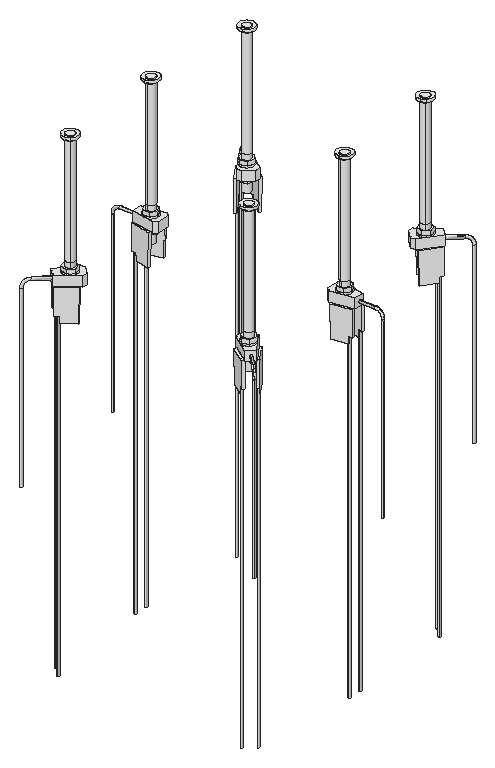
Revit family "c18c3f6578904dbc8c6b1b976846db23", category Structural Connections, host Face, Revit 2021
Family settings
  Host = Face
  Material for Model Behavior = Other
  Enable cutting in views = No
  Cut with Voids When Loaded = No
  Shared = Yes
Parameters (values of type "HCC 39-1450H")
  l = 2' - 11.43307"
  h [instance] = 3' - 3.37008"
  f = 0' - 6.49606"
  b [instance] = 2' - 7.49606"
  a = 0' - 1.9685"
  X = 0' - 1.45669"
  Type Comments = "Mountingpart"
  T = 0' - 1.77165"
  Phi = 0' - 2.16535"
  L [instance] = 4' - 11.05512"
  K = 0' - 7.67717"
  E = 0' - 2.3622"
  Default Elevation = 0' - 0"
  D = 0' - 9.64567"
  Column Shoe Type = Column Shoe and Anchor Bolt : HCC 39-1450H
  Column Shoe Material [instance] = Metal - Steel - S235
  C = 0' - 6.1811"
Types (10): name | l | h | f | b | a | X | T | Phi | K | D | Column Shoe Type | C
  HCC 39-1450H | 2' - 11.43307" | 3' - 3.37008" | 0' - 6.49606" | 2' - 7.49606" | 0' - 1.9685" | 0' - 1.45669" | 0' - 1.77165" | 0' - 2.16535" | 0' - 7.67717" | 0' - 9.64567" | Column Shoe and Anchor Bolt : HCC 39-1450H | 0' - 6.1811"
  HCC 39-1450S | 2' - 11.43307" | 4' - 11.05512" | 0' - 6.49606" | 3' - 3.37008" | 0' - 1.9685" | 0' - 1.45669" | 0' - 1.77165" | 0' - 2.16535" | 0' - 7.67717" | 0' - 9.64567" | Column Shoe and Anchor Bolt : HCC 39-1450S | 0' - 6.1811"
  HCC M36-1650H | 3' - 3.37008" | 4' - 11.05512" | 0' - 6.49606" | 3' - 3.37008" | 0' - 2.16535" | 0' - 1.45669" | 0' - 1.9685" | 0' - 2.16535" | 0' - 7.67717" | 0' - 9.64567" | Column Shoe and Anchor Bolt : HCC M36-1650H | 0' - 6.1811"
  HCC M36-1650S | 3' - 3.37008" | 4' - 11.05512" | 0' - 6.49606" | 3' - 3.37008" | 0' - 2.16535" | 0' - 1.45669" | 0' - 1.9685" | 0' - 2.16535" | 0' - 7.67717" | 0' - 9.64567" | Column Shoe and Anchor Bolt : HCC M36-1650S | 0' - 6.1811"
  HCC M39-1650H | 3' - 3.37008" | 4' - 11.05512" | 0' - 7.28346" | 3' - 3.37008" | 0' - 2.16535" | 0' - 1.45669" | 0' - 2.16535" | 0' - 2.16535" | 0' - 8.22835" | 0' - 10.51181" | Column Shoe and Anchor Bolt : HCC M39-1650H | 0' - 6.77165"
  HCC M39-1650S | 3' - 3.37008" | 4' - 11.05512" | 0' - 7.28346" | 3' - 3.37008" | 0' - 2.16535" | 0' - 1.45669" | 0' - 2.16535" | 0' - 2.16535" | 0' - 8.22835" | 0' - 10.51181" | Column Shoe and Anchor Bolt : HCC M39-1650S | 0' - 6.77165"
  HCC M45-2070H | 4' - 9.48031" | 4' - 11.05512" | 0' - 7.67717" | 3' - 3.37008" | 0' - 2.55906" | 0' - 1.45669" | 0' - 2.3622" | 0' - 2.55906" | 0' - 9.68504" | 1' - 0.48031" | Column Shoe and Anchor Bolt : HCC M45-2070H | 0' - 8.14961"
  HCC M45-2070S | 4' - 9.48031" | 4' - 11.05512" | 0' - 7.67717" | 3' - 3.37008" | 0' - 2.55906" | 0' - 1.45669" | 0' - 2.3622" | 0' - 2.55906" | 0' - 9.68504" | 1' - 0.48031" | Column Shoe and Anchor Bolt : HCC M45-2070S | 0' - 8.14961"
  HCC M52-2290H | 4' - 9.08661" | 4' - 11.05512" | 0' - 9.44882" | 3' - 3.37008" | 0' - 2.75591" | 0' - 1.37795" | 0' - 2.75591" | 0' - 2.75591" | 0' - 11.02362" | 1' - 2.40945" | Column Shoe and Anchor Bolt : HCC M52-2290H | 0' - 9.13386"
  HCC M52-2290S | 4' - 9.08661" | 4' - 11.05512" | 0' - 9.44882" | 3' - 3.37008" | 0' - 2.75591" | 0' - 1.37795" | 0' - 2.75591" | 0' - 2.75591" | 0' - 11.02362" | 1' - 2.40945" | Column Shoe and Anchor Bolt : HCC M52-2290S | 0' - 9.13386"
Reference planes (in)
  plane 1 "Center (Front/Back)": y = 0
  plane 2: z = 0
  plane 3 "Center (Left/Right)": x = 0
  plane 4: y = 19.68504
  plane 5: y = -19.68504
  plane 6: x = -15.74803
  plane 7: x = 15.74803
  plane 8: y = 18.22835
  plane 9: x = -14.29134
  plane 10: y = -18.22835
  plane 11: x = 14.29134
  plane 12: y = 11.81102
  plane 13: y = -11.81102
Lines and regions (in)
  reference lines
    curve 1: line (-15.74803, -19.68504, 0) -> (15.74803, 11.81102, 0)
    curve 2: line (-15.74803, 19.68504, 0) -> (15.74803, -11.81102, 0)
    curve 3: line (15.74803, 19.68504, 0) -> (-15.74803, -11.81102, 0)
    curve 4: line (15.74803, -19.68504, 0) -> (-15.74803, 11.81102, 0)
    curve 5: line (-14.29134, 19.68504, 0) -> (-15.74803, 18.22835, 0)
    curve 6: line (14.29134, 19.68504, 0) -> (15.74803, 18.22835, 0)
    curve 7: line (-15.74803, -18.22835, 0) -> (-14.29134, -19.68504, 0)
    curve 8: line (14.29134, -19.68504, 0) -> (15.74803, -18.22835, 0)
Dimensions and locks (in)
  equal spacing: plane 4, plane 1 "Center (Front/Back)", plane 5
  "h": plane 4 to plane 5
  equal spacing: plane 6, plane 3 "Center (Left/Right)", plane 7
  "b": plane 6 to plane 7
  "b": plane 12 to plane 5
  "b": plane 4 to plane 13
  "X": plane 4 to plane 8
  "X": plane 5 to plane 10
  "X": plane 6 to plane 9
  "X": plane 11 to plane 7
  aligned and locked: plane 2 to host face
  aligned and locked: level to host face
  aligned and locked: plane 4 to curve 2
  aligned and locked: plane 6 to curve 2
  aligned and locked: plane 12 to curve 4
  aligned and locked: plane 6 to curve 4
  aligned and locked: plane 13 to curve 3
  aligned and locked: plane 6 to curve 3
  aligned and locked: curve 1 to plane 5
  aligned and locked: curve 1 to plane 6
  aligned and locked: plane 5 to curve 4
  aligned and locked: plane 7 to curve 4
  aligned and locked: curve 2 to plane 13
  aligned and locked: plane 7 to curve 2
  aligned and locked: curve 1 to plane 12
  aligned and locked: plane 7 to curve 1
  aligned and locked: curve 3 to plane 4
  aligned and locked: plane 7 to curve 3
  aligned and locked: curve 6 to plane 8
  aligned and locked: plane 7 to curve 6
  aligned and locked: curve 6 to plane 4
  aligned and locked: plane 11 to curve 6
  aligned and locked: plane 4 to curve 5
  aligned and locked: plane 9 to curve 5
  aligned and locked: plane 8 to curve 5
  aligned and locked: plane 6 to curve 5
  aligned and locked: curve 7 to plane 10
  aligned and locked: curve 7 to plane 6
  aligned and locked: curve 7 to plane 5
  aligned and locked: curve 7 to plane 9
  aligned and locked: plane 5 to curve 8
  aligned and locked: plane 11 to curve 8
  aligned and locked: plane 10 to curve 8
  aligned and locked: plane 7 to curve 8
  aligned and locked: nested 1 to curve 5
  aligned and locked: nested 1 to curve 2
  aligned and locked: curve 6 to nested 5
  aligned and locked: nested 5 to curve 3
  aligned and locked: nested 3 to curve 7
  aligned and locked: nested 3 to curve 1
  aligned and locked: nested 7 to curve 8
  aligned and locked: nested 7 to curve 4
  aligned and locked: plane 6 to nested 9
  aligned and locked: nested 9 to plane 1 "Center (Front/Back)"
  aligned and locked: plane 7 to nested 11
  aligned and locked: plane 1 "Center (Front/Back)" to nested 11
Automatic sketch dimensions
  host sketch curve to host sketch curve = 8' - 0"  (x2)
Nested families (in)
  nested 1: "Column Shoe and Anchor Bolt" at (-21.70101, 25.63802, 0) x (0.7071, 0.7071, 0) z (0, 0, -1), type <- "Column Shoe Type", Column Shoe Material <- "Column Shoe Material", L <- "L", type "HCC 39-1450H"
    with L 4' - 11.05512", Column Shoe Material Metal - Steel - S235, Phi 0' - 2.16535", Semi Phi 0' - 1.08268", y2 0' - 4.3707", y1 0' - 0.64029", x3 0' - 1.79539", x2 0' - 3.34066", x1 0' - 2.06007", f 0' - 6.49606", X 0' - 1.45669", l 2' - 11.43307", k1 0' - 7.40967", d 0' - 9.44882", T 0' - 1.77165", Real K 0' - 7.60652", e1 0' - 2.31062", K 0' - 7.67717", E 0' - 2.3622", D 0' - 9.64567", C 0' - 6.1811", B2 0' - 4.72441", B 0' - 5.90551"
  nested 2: "HAB" at (-16.65354, 20.59055, -1.77165) x (0.7071, 0.7071, 0) z (0, 0, -1), type "HAB H39"
    with Anchor Bolt Material Metal - Steel - S235, l2 1' - 9.06299", l 2' - 3.55906", f1 0' - 2.75591", f 0' - 6.49606", r3 0' - 0.76772", r1 0' - 0.7874", d3 0' - 1.53543", d1 0' - 1.5748", Washers Radius 0' - 1.29921", T 0' - 1.77165", Phi 0' - 2.16535", Nut Width 0' - 2.2503", Cap Radius 0' - 1.41732"
  nested 3: "Column Shoe and Anchor Bolt" at (-21.70101, -25.63802, 0) x (-0.7071, 0.7071, 0) z (0, 0, -1), type <- "Column Shoe Type", Column Shoe Material <- "Column Shoe Material", L <- "L", type "HCC 39-1450H"
    with L 4' - 11.05512", Column Shoe Material Metal - Steel - S235, Phi 0' - 2.16535", Semi Phi 0' - 1.08268", y2 0' - 4.3707", y1 0' - 0.64029", x3 0' - 1.79539", x2 0' - 3.34066", x1 0' - 2.06007", f 0' - 6.49606", X 0' - 1.45669", l 2' - 11.43307", k1 0' - 7.40967", d 0' - 9.44882", T 0' - 1.77165", Real K 0' - 7.60652", e1 0' - 2.31062", K 0' - 7.67717", E 0' - 2.3622", D 0' - 9.64567", C 0' - 6.1811", B2 0' - 4.72441", B 0' - 5.90551"
  nested 4: "HAB" at (-16.65354, -20.59055, -1.77165) x (-0.7071, 0.7071, 0) z (0, 0, -1), type "HAB H39"
    with Anchor Bolt Material Metal - Steel - S235, l2 1' - 9.06299", l 2' - 3.55906", f1 0' - 2.75591", f 0' - 6.49606", r3 0' - 0.76772", r1 0' - 0.7874", d3 0' - 1.53543", d1 0' - 1.5748", Washers Radius 0' - 1.29921", T 0' - 1.77165", Phi 0' - 2.16535", Nut Width 0' - 2.2503", Cap Radius 0' - 1.41732"
  nested 5: "Column Shoe and Anchor Bolt" at (21.70101, 25.63802, 0) x (0.7071, -0.7071, 0) z (0, 0, -1), type <- "Column Shoe Type", Column Shoe Material <- "Column Shoe Material", L <- "L", type "HCC 39-1450H"
    with L 4' - 11.05512", Column Shoe Material Metal - Steel - S235, Phi 0' - 2.16535", Semi Phi 0' - 1.08268", y2 0' - 4.3707", y1 0' - 0.64029", x3 0' - 1.79539", x2 0' - 3.34066", x1 0' - 2.06007", f 0' - 6.49606", X 0' - 1.45669", l 2' - 11.43307", k1 0' - 7.40967", d 0' - 9.44882", T 0' - 1.77165", Real K 0' - 7.60652", e1 0' - 2.31062", K 0' - 7.67717", E 0' - 2.3622", D 0' - 9.64567", C 0' - 6.1811", B2 0' - 4.72441", B 0' - 5.90551"
  nested 6: "HAB" at (16.65354, 20.59055, -1.77165) x (0.7071, -0.7071, 0) z (0, 0, -1), type "HAB H39"
    with Anchor Bolt Material Metal - Steel - S235, l2 1' - 9.06299", l 2' - 3.55906", f1 0' - 2.75591", f 0' - 6.49606", r3 0' - 0.76772", r1 0' - 0.7874", d3 0' - 1.53543", d1 0' - 1.5748", Washers Radius 0' - 1.29921", T 0' - 1.77165", Phi 0' - 2.16535", Nut Width 0' - 2.2503", Cap Radius 0' - 1.41732"
  nested 7: "Column Shoe and Anchor Bolt" at (21.70101, -25.63802, 0) x (-0.7071, -0.7071, 0) z (0, 0, -1), type <- "Column Shoe Type", Column Shoe Material <- "Column Shoe Material", L <- "L", type "HCC 39-1450H"
    with L 4' - 11.05512", Column Shoe Material Metal - Steel - S235, Phi 0' - 2.16535", Semi Phi 0' - 1.08268", y2 0' - 4.3707", y1 0' - 0.64029", x3 0' - 1.79539", x2 0' - 3.34066", x1 0' - 2.06007", f 0' - 6.49606", X 0' - 1.45669", l 2' - 11.43307", k1 0' - 7.40967", d 0' - 9.44882", T 0' - 1.77165", Real K 0' - 7.60652", e1 0' - 2.31062", K 0' - 7.67717", E 0' - 2.3622", D 0' - 9.64567", C 0' - 6.1811", B2 0' - 4.72441", B 0' - 5.90551"
  nested 8: "HAB" at (16.65354, -20.59055, -1.77165) x (-0.7071, -0.7071, 0) z (0, 0, -1), type "HAB H39"
    with Anchor Bolt Material Metal - Steel - S235, l2 1' - 9.06299", l 2' - 3.55906", f1 0' - 2.75591", f 0' - 6.49606", r3 0' - 0.76772", r1 0' - 0.7874", d3 0' - 1.53543", d1 0' - 1.5748", Washers Radius 0' - 1.29921", T 0' - 1.77165", Phi 0' - 2.16535", Nut Width 0' - 2.2503", Cap Radius 0' - 1.41732"
  nested 9: "Column Shoe and Anchor Bolt" at (-25.19685, 0, 0) x (0, 1, 0) z (0, 0, -1), type <- "Column Shoe Type", Column Shoe Material <- "Column Shoe Material", L <- "L", type "HCC 39-1450H"
    with L 4' - 11.05512", Column Shoe Material Metal - Steel - S235, Phi 0' - 2.16535", Semi Phi 0' - 1.08268", y2 0' - 4.3707", y1 0' - 0.64029", x3 0' - 1.79539", x2 0' - 3.34066", x1 0' - 2.06007", f 0' - 6.49606", X 0' - 1.45669", l 2' - 11.43307", k1 0' - 7.40967", d 0' - 9.44882", T 0' - 1.77165", Real K 0' - 7.60652", e1 0' - 2.31062", K 0' - 7.67717", E 0' - 2.3622", D 0' - 9.64567", C 0' - 6.1811", B2 0' - 4.72441", B 0' - 5.90551"
  nested 10: "HAB" at (-18.05866, 0, -1.77165) x (0, 1, 0) z (0, 0, -1), type "HAB H39"
    with Anchor Bolt Material Metal - Steel - S235, l2 1' - 9.06299", l 2' - 3.55906", f1 0' - 2.75591", f 0' - 6.49606", r3 0' - 0.76772", r1 0' - 0.7874", d3 0' - 1.53543", d1 0' - 1.5748", Washers Radius 0' - 1.29921", T 0' - 1.77165", Phi 0' - 2.16535", Nut Width 0' - 2.2503", Cap Radius 0' - 1.41732"
  nested 11: "Column Shoe and Anchor Bolt" at (25.19685, 0, 0) x (0, -1, 0) z (0, 0, -1), type <- "Column Shoe Type", Column Shoe Material <- "Column Shoe Material", L <- "L", type "HCC 39-1450H"
    with L 4' - 11.05512", Column Shoe Material Metal - Steel - S235, Phi 0' - 2.16535", Semi Phi 0' - 1.08268", y2 0' - 4.3707", y1 0' - 0.64029", x3 0' - 1.79539", x2 0' - 3.34066", x1 0' - 2.06007", f 0' - 6.49606", X 0' - 1.45669", l 2' - 11.43307", k1 0' - 7.40967", d 0' - 9.44882", T 0' - 1.77165", Real K 0' - 7.60652", e1 0' - 2.31062", K 0' - 7.67717", E 0' - 2.3622", D 0' - 9.64567", C 0' - 6.1811", B2 0' - 4.72441", B 0' - 5.90551"
  nested 12: "HAB" at (18.05866, 0, -1.77165) x (0, -1, 0) z (0, 0, -1), type "HAB H39"
    with Anchor Bolt Material Metal - Steel - S235, l2 1' - 9.06299", l 2' - 3.55906", f1 0' - 2.75591", f 0' - 6.49606", r3 0' - 0.76772", r1 0' - 0.7874", d3 0' - 1.53543", d1 0' - 1.5748", Washers Radius 0' - 1.29921", T 0' - 1.77165", Phi 0' - 2.16535", Nut Width 0' - 2.2503", Cap Radius 0' - 1.41732"
Definition of nested family "Column Shoe and Anchor Bolt"
  Parameters
    Type Comments = "Mountingpart"
    Phi = 0' - 1.06299"
    Semi Phi = 0.5 * Phi  # 0' - 0.5315"
    y2 = C * sin(45.00°)  # 0' - 2.44982"
    y1 = (E - X) * sin(45.00°)  # 0' - 0.55678"
    x3 = E * (2 * sin(45.00°) - C / d)  # 0' - 1.46153"
    x2 = 2 * E * sin(45.00°)  # 0' - 2.78388"
    x1 = 2 * X * sin(45.00°)  # 0' - 1.67033"
    t1 = 0' - 0.3937"
    f = 0' - 4.13386"
    a = 0' - 1.9685"
    X = 0' - 1.1811"
    l = 0' - 11.81102"
    k1 = d * sin(45.00°) + 0.5 * X  # 0' - 4.23744"
    d = D - R1  # 0' - 5.15748"
    T = 0' - 0.59055"
    O3 = 0' - 0.59055"
    O4 = 0' - 0.7874"
    O2 = 0' - 0.19685"
    O1 = 0' - 0.3937"
    L [instance] = 4' - 11.05512"
    Real K = R1 + k1  # 0' - 4.43429"
    e1 = (2 * E - X) * sin(45.00°)  # 0' - 1.94872"
    K = 0' - 4.40945"
    E = 0' - 1.9685"
    Default Elevation = 0' - 0"
    Semi dbr = 7 * R2  # 0' - 1.37795"
    D = 0' - 5.35433"
    Column Shoe Material [instance] = none
    C = 0' - 3.46457"
    R2 = 0' - 0.19685"
    R1 = 0' - 0.19685"
    Bolt Type = HAB : HAB H16
    B2 = B - 0' 1.1811"  # 0' - 2.16535"
    B = 0' - 3.34646"
  Reference planes (in)
    plane 1 "Center (Front/Back)": y = 0
    plane 2: z = 0
    plane 3 "Center (Left/Right)": x = 0
    plane 4: z = 0.59055
    plane 5: z = 0.29528
    plane 6: z = 11.81102
    plane 7: z = 3.93701
    plane 8: z = 2.75591
    plane 9: y = 5.15748
    plane 10: x = -1.39194
    plane 11: x = 1.39194
    plane 12: y = 4.6007
    plane 13: y = 2.15088
    plane 14: x = -0.83517
    plane 15: x = 0.83517
    plane 16: x = -0.73077
    plane 17: x = 0.73077
    plane 18: y = 3.20876
    plane 19: y = 2.93829
    plane 20: z = 62.99213
  Forms (in)
    Extrusion 1, solid
      sketch origin (0, 0, 0) x (1, 0, 0) y (0, 1, 0)
        loop
          line (-48, 48) -> (-48, -48) -> (48, -48) -> (48, 48) -> (-48, 48)
      from 0 to -12
    Sweep 2, solid, material <- "Column Shoe Material"
      path in 3D
        loop
          line (0, 0, 11.81102) -> (0, 0, 1.67323)
          arc (0, 0, 1.67323) -> (0, 0.40359, 0.69887) -> (0, 1.37795, 0.29528) r 1.37795
          line (0, 1.37795, 0.29528) -> (0, 2.81506, 0.29528)
      profile origin (0, 0.40359, 0.69887) x (0, 0.707107, 0.707107) y (1, 0, 0)
        loop
          circle (0, 0) r 0.19685
    Extrusion 3, void
      sketch origin (-0.03635, 4.65317, 0) x (1, 0, 0) y (0, 1, 0)
        loop
          circle (0.03635, -1.44441) r 0.5315
      from 0 to 3.93701
    Blend 4, solid, material <- "Column Shoe Material"
      base sketch origin (-0.18342, 0.17505, 0) x (-1, 0, 0) y (0, -1, 0)
        loop
          line (-1.47277, -4.04555) -> (-0.96547, -2.16589) -> (-1.34557, -2.0633) -> (-1.85287, -3.94297) -> (-1.47277, -4.04555)
      top sketch origin (-0.18342, 0.17505, 0) x (-1, 0, 0) y (0, -1, 0)
        loop
          line (-1.42148, -3.8555) -> (-0.96547, -2.16589) -> (-1.34557, -2.0633) -> (-1.80158, -3.75292) -> (-1.42148, -3.8555)
      from 0.59055 to 3.93701
    Extrusion 5, solid, material <- "Column Shoe Material"
      sketch origin (1.96539, -0.28862, 0) x (1, 0, 0) y (0, 1, 0)
        loop
          circle (-3.11256, 3.22691) r 0.19685
        loop
          circle (-0.81822, 3.22691) r 0.19685
      from 2.75591 to 62.99213
    Extrusion 6, void
      sketch origin (0, -1.92772, 0) x (0, -1, 0) y (0, 0, 1)
        loop
          line (-4.07861, 3.93701) -> (-4.86601, 3.93701) -> (-4.86601, 2.75591) -> (-4.07861, 2.75591) -> (-4.07861, 3.93701)
      from -1.39194 to 1.39194
    Extrusion 7, solid, material <- "Column Shoe Material"
      sketch origin (0, 0, 0) x (1, 0, 0) y (0, 1, 0)
        loop
          line (0.83517, 5.15748) -> (-0.83517, 5.15748) -> (-1.39194, 4.6007) -> (-0.73077, 2.15088) -> (0.73077, 2.15088) -> (1.39194, 4.6007) -> (0.83517, 5.15748)
        loop
          circle (0, 3.20876) r 0.5315
      from 0 to 0.59055
    Blend 8, solid, material <- "Column Shoe Material"
      base sketch origin (0.18342, 0.17505, 0) x (1, 0, 0) y (0, 1, 0)
        loop
          line (-1.47277, 4.04555) -> (-1.85287, 3.94297) -> (-1.34557, 2.0633) -> (-0.96547, 2.16589) -> (-1.47277, 4.04555)
      top sketch origin (0.18342, 0.17505, 0) x (1, 0, 0) y (0, 1, 0)
        loop
          line (-1.42148, 3.8555) -> (-1.80158, 3.75292) -> (-1.34557, 2.0633) -> (-0.96547, 2.16589) -> (-1.42148, 3.8555)
      from 0.59055 to 3.93701
  Cuts and joins
    Extrusion 3, Extrusion 6 cuts Sweep 2
    joined: Sweep 2, Extrusion 7
    Extrusion 6 cuts Blend 4
    Extrusion 6 cuts Blend 8
  Lines and regions (in)
    reference lines
      curve 1: line (0, 3.24836, 0.29528) -> (0, 1.37795, 0.29528)
      curve 2: line (0, 0, 1.67323) -> (0, 0, 11.81102)
      curve 3: arc (0, 0, 1.67323) -> (0, 0.40359, 0.69887) -> (0, 1.37795, 0.29528) r 1.37795
      curve 7: line (0.73077, 2.15088, 0) -> (1.39194, 4.6007, 0)
      curve 8: line (-0.73077, 2.15088, 0) -> (-1.39194, 4.6007, 0)
    sketch lines
      curve 4: arc (0, 0, 1.67323) -> (0, 0.40359, 0.69887) -> (0, 1.37795, 0.29528) r 1.37795
      curve 5: line (0, 2.81506, 0.29528) -> (0, 1.37795, 0.29528)
      curve 6: line (0, 0, 1.67323) -> (0, 0, 11.81102)
  Dimensions and locks (in)
    "T": plane 4 to level
    "l": plane 6 to plane 2
    equal spacing: plane 4, plane 5, plane 2
    "B": plane 7 to plane 4
    "B2": plane 4 to plane 8
    equal spacing: plane 16, plane 3 "Center (Left/Right)", plane 17
    equal spacing: plane 14, plane 3 "Center (Left/Right)", plane 15
    equal spacing: plane 10, plane 3 "Center (Left/Right)", plane 11
    "x2": plane 10 to plane 11
    "x1": plane 14 to plane 15
    "x3": plane 16 to plane 17
    "y1": plane 9 to plane 12
    "y2": plane 12 to plane 13
    "d": plane 9 to plane 1 "Center (Front/Back)"
    "e1": plane 9 to plane 18
    "t1": Blend 4 sketch curve to Blend 4 sketch curve  (x2)
    "O2": Extrusion 7 to Blend 4 sketch curve
    "O1": Blend 4 sketch curve to curve 7
    "O2": curve 7 to Blend 4 sketch curve
    "O4": plane 13 to plane 19
    equal spacing: cut or joined group of Blend 4, Extrusion 6, Extrusion 5 sketch curve, Extrusion 7
    "O3": Blend 4 sketch curve to curve 7
    "t1": Blend 8 sketch curve to Blend 8 sketch curve  (x2)
    "O1": curve 8 to Blend 8 sketch curve
    "O2": Blend 8 sketch curve to curve 8  (x2)
    "O3": curve 8 to Blend 8 sketch curve
    equal spacing: Blend 8, Extrusion 5 sketch curve, Blend 8
    "L": plane 20 to plane 7
    "Semi dbr": radius of curve 3
    "R1": radius of Sweep 2 sketch curve
    "R2": radius of Extrusion 5 sketch curve  (x2)
    "Semi Phi": radius of Extrusion 7 sketch curve
    locked: Extrusion 7 to Blend 4 sketch curve (angle 90.00°)
    aligned and locked: plane 2 to Extrusion 1
    aligned and locked: level to Extrusion 1
    aligned and locked: curve 1 to plane 5
    aligned and locked: plane 1 "Center (Front/Back)" to curve 2
    aligned and locked: plane 6 to curve 2
    aligned and locked: Extrusion 3 to Extrusion 1
    aligned and locked: Blend 4 to plane 4
    aligned and locked: plane 8 to Extrusion 5
    aligned and locked: Extrusion 6 sketch curve to Blend 4
    aligned and locked: Extrusion 3 sketch curve to Extrusion 7
    aligned and locked: plane 4 to Extrusion 7
    aligned and locked: Extrusion 7 sketch curve to plane 9
    aligned and locked: plane 3 "Center (Left/Right)" to Extrusion 7 sketch curve
    aligned and locked: plane 12 to Extrusion 7 sketch curve  (x2)
    aligned and locked: plane 18 to Extrusion 7 sketch curve
    aligned and locked: plane 15 to Extrusion 7 sketch curve
    aligned and locked: plane 9 to Extrusion 7 sketch curve
    aligned and locked: plane 13 to Extrusion 7 sketch curve
    aligned and locked: plane 17 to Extrusion 7 sketch curve
    aligned and locked: plane 14 to Extrusion 7 sketch curve
    aligned and locked: plane 10 to Extrusion 7 sketch curve
    aligned and locked: plane 16 to Extrusion 7 sketch curve
    aligned and locked: plane 12 to curve 7
    aligned and locked: plane 11 to curve 7
    aligned and locked: plane 17 to curve 7
    aligned and locked: plane 13 to curve 7
    aligned and locked: plane 12 to curve 8
    aligned and locked: plane 10 to curve 8
    aligned and locked: plane 16 to curve 8
    aligned and locked: plane 13 to curve 8
    aligned and locked: Blend 4 sketch curve to curve 7
    aligned and locked: var sketch to Blend 4 sketch curve
    aligned and locked: plane 19 to Extrusion 5 sketch curve  (x2)
    aligned and locked: var sketch to Blend 8 sketch curve
    aligned and locked: Extrusion 7 to Blend 8 sketch curve
    aligned and locked: Extrusion 6 to plane 19
    aligned and locked: Extrusion 6 to Extrusion 7
    aligned and locked: plane 7 to Extrusion 3
    aligned and locked: plane 7 to Blend 4
    aligned and locked: plane 7 to Blend 8
    aligned and locked: Blend 8 to plane 4
    aligned and locked: plane 20 to Extrusion 5
    aligned and locked: Extrusion 6 to plane 11
    aligned and locked: Extrusion 6 to plane 10
    aligned and locked: plane 3 "Center (Left/Right)" to nested 1
    aligned and locked: nested 1 to plane 18
  Automatic sketch dimensions
    Extrusion 1 sketch curve to Extrusion 1 sketch curve = 8' - 0"  (x2)
    plane 18 to curve 1 = 0' - 0.03959"
    Sweep 2 sketch curve to profile plane = 0' - 0"  (x2)
    plane 8 to Extrusion 6 sketch curve = 0' - 0"
    Extrusion 6 sketch curve to plane 13 = 0' - 0.7874"
    Extrusion 6 sketch curve to plane 1 "Center (Front/Back)" = 0' - 2.15088"
    Extrusion 7 sketch curve to plane 11 = 0' - 0"
  Nested families (in)
    nested 1: "HAB" at (0, 3.20876, 0.59055), type <- "Bolt Type", type "HAB H16"
      with Anchor Bolt Material none, l2 0' - 6.88976", l 0' - 11.02362", f1 0' - 1.5748", f 0' - 4.13386", r3 0' - 0.31496", r1 0' - 0.31496", d3 0' - 0.62992", d1 0' - 0.62992", Washers Radius 0' - 0.6378", T 0' - 0.59055", Phi 0' - 1.06299", Nut Width 0' - 1.10469", Cap Radius 0' - 0.56693"
  Definition of nested family "HAB"
    Parameters
      l2 = 0' - 9.25197"
      l = 1' - 1.77953"
      f1 = f - a - T  # 0' - 1.77165"
      f = 0' - 4.52756"
      r3 = 0.5 * d3  # 0' - 0.3937"
      r1 = 0.5 * d1  # 0' - 0.3937"
      d3 = 0' - 0.7874"
      d1 = 0' - 0.7874"
      a = 0' - 1.9685"
      Washers Thickness = 0' - 0.19685"
      Washers Radius = 0.5 * Phi * 1.2  # 0' - 0.70866"
      Type Comments = "Mountingpart"
      T = 0' - 0.7874"
      Phi = 0' - 1.1811"
      Nut Width = 2 * Washers Radius * cos(30.00°)  # 0' - 1.22744"
      Nut Thickness = 0' - 0.7874"
      Cap = yes
      Anchor Bolt Material [instance] = none
      Default Elevation = 0' - 0"
      Cap Thickness = Nut Thickness  # 0' - 0.7874"
      Cap Radius = d1 * 0.9  # 0' - 0.70866"
    Reference planes (in)
      plane 1 "Center (Front/Back)": y = 0
      plane 2: z = 0
      plane 3 "Center (Left/Right)": x = 0
      plane 4: z = 0.19685
      plane 5: z = -0.7874
      plane 6: z = -0.98425
      plane 7: z = 0.98425
      plane 8: z = -1.77165
      plane 9: y = 0.35433
      plane 10: y = -0.35433
      plane 11: y = 0.70866
      plane 12: y = -0.70866
      plane 13: z = 1.77165
      plane 14: z = -12.00787
      plane 15: z = -11.22047
      plane 16: z = -2.75591
      plane 17: z = -11.61417
      plane 18: x = -0.61372
      plane 19: x = 0.61372
    Forms (in)
      Extrusion 1, solid
        sketch origin (0, 0, 0) x (1, 0, 0) y (0, 1, 0)
          loop
            line (-48, 48) -> (-48, -48) -> (48, -48) -> (48, 48) -> (-48, 48)
        from 0 to -6.78513
      Extrusion 2, solid, material <- "Anchor Bolt Material"
        sketch origin (0, 0, 0) x (1, 0, 0) y (0, 1, 0)
          loop
            circle (0, 0) r 0.3937
        from -2.75591 to 1.77165
      Extrusion 3, solid, material <- "Anchor Bolt Material"
        sketch origin (0, 0, 0) x (1, 0, 0) y (0, 1, 0)
          loop
            circle (0, 0) r 0.70866
        from 0 to 0.19685
      Extrusion 4, solid, material <- "Anchor Bolt Material"
        sketch origin (0, 0, -14.37008) x (1, 0, 0) y (0, 1, 0)
          loop
            circle (0, 0) r 0.70866
        from 13.38583 to 13.58268
      Extrusion 5, solid, material <- "Anchor Bolt Material"
        sketch origin (0, 0, 0) x (1, 0, 0) y (0, 1, 0)
          loop
            line (0, 0.70866) -> (-0.61372, 0.35433) -> (-0.61372, -0.35433) -> (0, -0.70866) -> (0.61372, -0.35433) -> (0.61372, 0.35433) -> (0, 0.70866)
        from 0.19685 to 0.98425
      Extrusion 6, solid, material <- "Anchor Bolt Material"
        sketch origin (0, 0, -15.74803) x (1, 0, 0) y (0, 1, 0)
          loop
            line (-0.61372, 0.35433) -> (-0.61372, -0.35433) -> (0, -0.70866) -> (0.61372, -0.35433) -> (0.61372, 0.35433) -> (0, 0.70866) -> (-0.61372, 0.35433)
        from 13.97638 to 14.76378
      Extrusion 7, solid, material <- "Anchor Bolt Material"
        sketch origin (0, 0, -2.96548) x (1, 0, 0) y (0, 1, 0)
          loop
            circle (0, 0) r 0.3937
        from -9.04239 to 0.20957
      Blend 8, solid, material <- "Anchor Bolt Material", visible <- "Cap"
        base sketch origin (-1.67336, -180, -11.22047) x (-1, 0, 0) y (0, -1, 0)
          loop
            circle (-1.67336, -180) r 0.3937
        top sketch origin (-1.67336, -180, -11.22047) x (-1, 0, 0) y (0, -1, 0)
          loop
            circle (-1.67336, -180) r 0.70866
        from 0 to -0.3937
      Extrusion 9, solid, material <- "Anchor Bolt Material", visible <- "Cap"
        sketch origin (-1.41732, -180, -12.00787) x (-1, 0, 0) y (0, -1, 0)
          loop
            circle (-1.41732, -180) r 0.70866
        from 0 to 0.3937
    Cuts and joins
      joined: Extrusion 2, Extrusion 3, Extrusion 4, Extrusion 5, Extrusion 6, Extrusion 7
      joined: Blend 8, Extrusion 9
    Dimensions and locks (in)
      "T": plane 2 to plane 5
      "Washers Thickness": plane 5 to plane 6
      "Washers Thickness": plane 4 to level
      "Nut Thickness": plane 7 to plane 4
      "Nut Thickness": plane 6 to plane 8
      "Washers Radius": plane 1 "Center (Front/Back)" to plane 11
      "Washers Radius": plane 12 to plane 1 "Center (Front/Back)"
      equal spacing: plane 9, plane 1 "Center (Front/Back)", plane 10
      "Washers Radius": plane 9 to plane 10
      "l": plane 13 to plane 14
      "Cap Thickness": plane 15 to plane 14
      "l2": plane 16 to plane 14
      "f1": plane 13 to plane 2
      equal spacing: plane 15, plane 17, plane 14
      equal spacing: plane 18, plane 3 "Center (Left/Right)", plane 19
      "Nut Width": plane 18 to plane 19
      "r3": radius of Extrusion 2 sketch curve
      "Washers Radius": radius of Extrusion 3 sketch curve
      "Washers Radius": radius of Extrusion 4 sketch curve
      "r1": radius of Extrusion 7 sketch curve
      "r1": radius of Blend 8 sketch curve
      "Cap Radius": radius of Blend 8 sketch curve
      "Cap Radius": radius of Extrusion 9 sketch curve
      aligned and locked: plane 2 to Extrusion 1
      aligned and locked: level to Extrusion 1
      aligned and locked: plane 1 "Center (Front/Back)" to Extrusion 2 sketch curve
      aligned and locked: plane 3 "Center (Left/Right)" to Extrusion 2 sketch curve
      aligned and locked: plane 1 "Center (Front/Back)" to Extrusion 3 sketch curve
      aligned and locked: plane 3 "Center (Left/Right)" to Extrusion 3 sketch curve
      aligned and locked: plane 4 to Extrusion 3
      aligned and locked: Extrusion 3 to level
      aligned and locked: plane 5 to Extrusion 4
      aligned and locked: Extrusion 4 to plane 6
      aligned and locked: plane 1 "Center (Front/Back)" to Extrusion 4 sketch curve
      aligned and locked: plane 3 "Center (Left/Right)" to Extrusion 4 sketch curve
      aligned and locked: plane 7 to Extrusion 5
      aligned and locked: Extrusion 5 to plane 4
      aligned and locked: plane 11 to Extrusion 5 sketch curve
      aligned and locked: plane 3 "Center (Left/Right)" to Extrusion 5 sketch curve  (x2)
      aligned and locked: plane 12 to Extrusion 5 sketch curve
      aligned and locked: plane 10 to Extrusion 5 sketch curve  (x2)
      aligned and locked: plane 6 to Extrusion 6
      aligned and locked: Extrusion 6 to plane 8
      aligned and locked: plane 13 to Extrusion 2
      aligned: Extrusion 2 to plane 14
      aligned and locked: plane 10 to Extrusion 6 sketch curve  (x2)
      aligned and locked: Extrusion 2 to plane 16
      aligned: Extrusion 7 to plane 15
      aligned and locked: plane 1 "Center (Front/Back)" to Blend 8 sketch curve  (x2)
      aligned and locked: plane 3 "Center (Left/Right)" to Blend 8 sketch curve  (x2)
      aligned and locked: Blend 8 to plane 17
      aligned and locked: plane 15 to Blend 8
      aligned and locked: plane 1 "Center (Front/Back)" to Extrusion 9 sketch curve
      aligned and locked: plane 3 "Center (Left/Right)" to Extrusion 9 sketch curve
      aligned and locked: plane 17 to Extrusion 9
      aligned and locked: plane 18 to Extrusion 5 sketch curve
      aligned and locked: Extrusion 5 sketch curve to plane 19
      aligned and locked: plane 9 to Extrusion 5 sketch curve  (x2)
      aligned and locked: plane 19 to Extrusion 6 sketch curve
      aligned and locked: plane 18 to Extrusion 6 sketch curve
      aligned and locked: plane 9 to Extrusion 6 sketch curve  (x2)
      aligned and locked: plane 11 to Extrusion 6 sketch curve
      aligned and locked: plane 3 "Center (Left/Right)" to Extrusion 6 sketch curve  (x2)
      aligned and locked: plane 12 to Extrusion 6 sketch curve
      aligned and locked: Extrusion 7 to plane 14
      aligned and locked: plane 16 to Extrusion 7
    Automatic sketch dimensions
      Extrusion 1 sketch curve to Extrusion 1 sketch curve = 8' - 0"  (x2)
      plane 1 "Center (Front/Back)" to Extrusion 7 sketch curve = 0' - 0"
      Extrusion 7 sketch curve to plane 3 "Center (Left/Right)" = 0' - 0"
Definition of nested family "HAB"
  Parameters
    l2 = 0' - 9.25197"
    l = 1' - 1.77953"
    f1 = f - a - T  # 0' - 1.77165"
    f = 0' - 4.52756"
    r3 = 0.5 * d3  # 0' - 0.3937"
    r1 = 0.5 * d1  # 0' - 0.3937"
    d3 = 0' - 0.7874"
    d1 = 0' - 0.7874"
    a = 0' - 1.9685"
    Washers Thickness = 0' - 0.19685"
    Washers Radius = 0.5 * Phi * 1.2  # 0' - 0.70866"
    Type Comments = "Mountingpart"
    T = 0' - 0.7874"
    Phi = 0' - 1.1811"
    Nut Width = 2 * Washers Radius * cos(30.00°)  # 0' - 1.22744"
    Nut Thickness = 0' - 0.7874"
    Cap = yes
    Anchor Bolt Material [instance] = none
    Default Elevation = 0' - 0"
    Cap Thickness = Nut Thickness  # 0' - 0.7874"
    Cap Radius = d1 * 0.9  # 0' - 0.70866"
  Reference planes (in)
    plane 1 "Center (Front/Back)": y = 0
    plane 2: z = 0
    plane 3 "Center (Left/Right)": x = 0
    plane 4: z = 0.19685
    plane 5: z = -0.7874
    plane 6: z = -0.98425
    plane 7: z = 0.98425
    plane 8: z = -1.77165
    plane 9: y = 0.35433
    plane 10: y = -0.35433
    plane 11: y = 0.70866
    plane 12: y = -0.70866
    plane 13: z = 1.77165
    plane 14: z = -12.00787
    plane 15: z = -11.22047
    plane 16: z = -2.75591
    plane 17: z = -11.61417
    plane 18: x = -0.61372
    plane 19: x = 0.61372
  Forms (in)
    Extrusion 1, solid
      sketch origin (0, 0, 0) x (1, 0, 0) y (0, 1, 0)
        loop
          line (-48, 48) -> (-48, -48) -> (48, -48) -> (48, 48) -> (-48, 48)
      from 0 to -6.78513
    Extrusion 2, solid, material <- "Anchor Bolt Material"
      sketch origin (0, 0, 0) x (1, 0, 0) y (0, 1, 0)
        loop
          circle (0, 0) r 0.3937
      from -2.75591 to 1.77165
    Extrusion 3, solid, material <- "Anchor Bolt Material"
      sketch origin (0, 0, 0) x (1, 0, 0) y (0, 1, 0)
        loop
          circle (0, 0) r 0.70866
      from 0 to 0.19685
    Extrusion 4, solid, material <- "Anchor Bolt Material"
      sketch origin (0, 0, -14.37008) x (1, 0, 0) y (0, 1, 0)
        loop
          circle (0, 0) r 0.70866
      from 13.38583 to 13.58268
    Extrusion 5, solid, material <- "Anchor Bolt Material"
      sketch origin (0, 0, 0) x (1, 0, 0) y (0, 1, 0)
        loop
          line (0, 0.70866) -> (-0.61372, 0.35433) -> (-0.61372, -0.35433) -> (0, -0.70866) -> (0.61372, -0.35433) -> (0.61372, 0.35433) -> (0, 0.70866)
      from 0.19685 to 0.98425
    Extrusion 6, solid, material <- "Anchor Bolt Material"
      sketch origin (0, 0, -15.74803) x (1, 0, 0) y (0, 1, 0)
        loop
          line (-0.61372, 0.35433) -> (-0.61372, -0.35433) -> (0, -0.70866) -> (0.61372, -0.35433) -> (0.61372, 0.35433) -> (0, 0.70866) -> (-0.61372, 0.35433)
      from 13.97638 to 14.76378
    Extrusion 7, solid, material <- "Anchor Bolt Material"
      sketch origin (0, 0, -2.96548) x (1, 0, 0) y (0, 1, 0)
        loop
          circle (0, 0) r 0.3937
      from -9.04239 to 0.20957
    Blend 8, solid, material <- "Anchor Bolt Material", visible <- "Cap"
      base sketch origin (-1.67336, -180, -11.22047) x (-1, 0, 0) y (0, -1, 0)
        loop
          circle (-1.67336, -180) r 0.3937
      top sketch origin (-1.67336, -180, -11.22047) x (-1, 0, 0) y (0, -1, 0)
        loop
          circle (-1.67336, -180) r 0.70866
      from 0 to -0.3937
    Extrusion 9, solid, material <- "Anchor Bolt Material", visible <- "Cap"
      sketch origin (-1.41732, -180, -12.00787) x (-1, 0, 0) y (0, -1, 0)
        loop
          circle (-1.41732, -180) r 0.70866
      from 0 to 0.3937
  Cuts and joins
    joined: Extrusion 2, Extrusion 3, Extrusion 4, Extrusion 5, Extrusion 6, Extrusion 7
    joined: Blend 8, Extrusion 9
  Dimensions and locks (in)
    "T": plane 2 to plane 5
    "Washers Thickness": plane 5 to plane 6
    "Washers Thickness": plane 4 to level
    "Nut Thickness": plane 7 to plane 4
    "Nut Thickness": plane 6 to plane 8
    "Washers Radius": plane 1 "Center (Front/Back)" to plane 11
    "Washers Radius": plane 12 to plane 1 "Center (Front/Back)"
    equal spacing: plane 9, plane 1 "Center (Front/Back)", plane 10
    "Washers Radius": plane 9 to plane 10
    "l": plane 13 to plane 14
    "Cap Thickness": plane 15 to plane 14
    "l2": plane 16 to plane 14
    "f1": plane 13 to plane 2
    equal spacing: plane 15, plane 17, plane 14
    equal spacing: plane 18, plane 3 "Center (Left/Right)", plane 19
    "Nut Width": plane 18 to plane 19
    "r3": radius of Extrusion 2 sketch curve
    "Washers Radius": radius of Extrusion 3 sketch curve
    "Washers Radius": radius of Extrusion 4 sketch curve
    "r1": radius of Extrusion 7 sketch curve
    "r1": radius of Blend 8 sketch curve
    "Cap Radius": radius of Blend 8 sketch curve
    "Cap Radius": radius of Extrusion 9 sketch curve
    aligned and locked: plane 2 to Extrusion 1
    aligned and locked: level to Extrusion 1
    aligned and locked: plane 1 "Center (Front/Back)" to Extrusion 2 sketch curve
    aligned and locked: plane 3 "Center (Left/Right)" to Extrusion 2 sketch curve
    aligned and locked: plane 1 "Center (Front/Back)" to Extrusion 3 sketch curve
    aligned and locked: plane 3 "Center (Left/Right)" to Extrusion 3 sketch curve
    aligned and locked: plane 4 to Extrusion 3
    aligned and locked: Extrusion 3 to level
    aligned and locked: plane 5 to Extrusion 4
    aligned and locked: Extrusion 4 to plane 6
    aligned and locked: plane 1 "Center (Front/Back)" to Extrusion 4 sketch curve
    aligned and locked: plane 3 "Center (Left/Right)" to Extrusion 4 sketch curve
    aligned and locked: plane 7 to Extrusion 5
    aligned and locked: Extrusion 5 to plane 4
    aligned and locked: plane 11 to Extrusion 5 sketch curve
    aligned and locked: plane 3 "Center (Left/Right)" to Extrusion 5 sketch curve  (x2)
    aligned and locked: plane 12 to Extrusion 5 sketch curve
    aligned and locked: plane 10 to Extrusion 5 sketch curve  (x2)
    aligned and locked: plane 6 to Extrusion 6
    aligned and locked: Extrusion 6 to plane 8
    aligned and locked: plane 13 to Extrusion 2
    aligned: Extrusion 2 to plane 14
    aligned and locked: plane 10 to Extrusion 6 sketch curve  (x2)
    aligned and locked: Extrusion 2 to plane 16
    aligned: Extrusion 7 to plane 15
    aligned and locked: plane 1 "Center (Front/Back)" to Blend 8 sketch curve  (x2)
    aligned and locked: plane 3 "Center (Left/Right)" to Blend 8 sketch curve  (x2)
    aligned and locked: Blend 8 to plane 17
    aligned and locked: plane 15 to Blend 8
    aligned and locked: plane 1 "Center (Front/Back)" to Extrusion 9 sketch curve
    aligned and locked: plane 3 "Center (Left/Right)" to Extrusion 9 sketch curve
    aligned and locked: plane 17 to Extrusion 9
    aligned and locked: plane 18 to Extrusion 5 sketch curve
    aligned and locked: Extrusion 5 sketch curve to plane 19
    aligned and locked: plane 9 to Extrusion 5 sketch curve  (x2)
    aligned and locked: plane 19 to Extrusion 6 sketch curve
    aligned and locked: plane 18 to Extrusion 6 sketch curve
    aligned and locked: plane 9 to Extrusion 6 sketch curve  (x2)
    aligned and locked: plane 11 to Extrusion 6 sketch curve
    aligned and locked: plane 3 "Center (Left/Right)" to Extrusion 6 sketch curve  (x2)
    aligned and locked: plane 12 to Extrusion 6 sketch curve
    aligned and locked: Extrusion 7 to plane 14
    aligned and locked: plane 16 to Extrusion 7
  Automatic sketch dimensions
    Extrusion 1 sketch curve to Extrusion 1 sketch curve = 8' - 0"  (x2)
    plane 1 "Center (Front/Back)" to Extrusion 7 sketch curve = 0' - 0"
    Extrusion 7 sketch curve to plane 3 "Center (Left/Right)" = 0' - 0"
